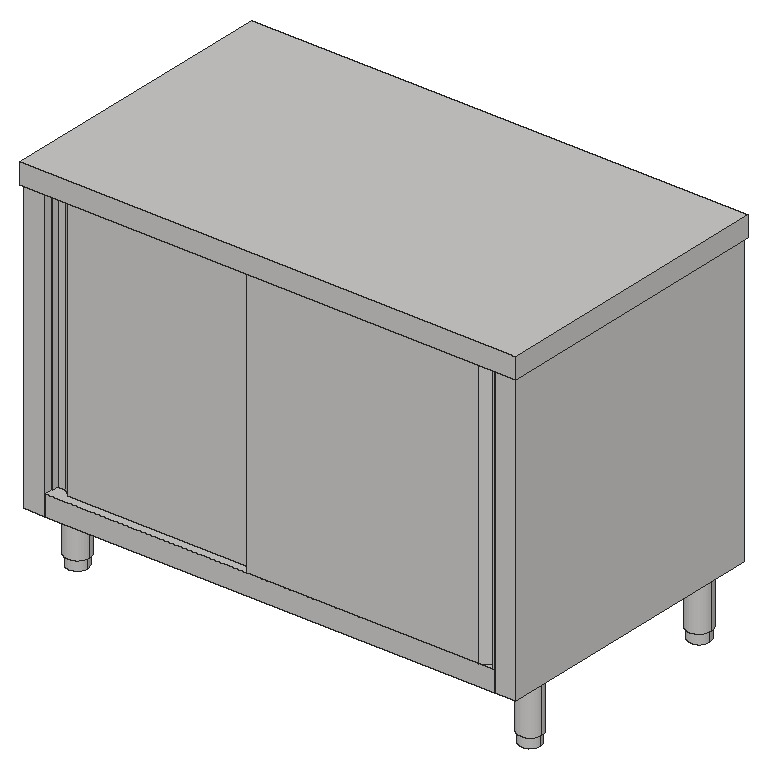
Revit family "QF_ELECTROLUXPROFESSIONAL_133074_TN1200EN", category Attrezzature speciali, Revit 2020
Family settings
  Quota connettore circolare = Usa diametro
  Tipo di parte = Normale
  Basato su piano di lavoro = No
  Sempre verticale = Sì
  Taglio con vuoti quando caricato = No
  Condiviso = No
  Punto di calcolo locali = No
Parameters (values of type "Standard")
  Weight = 55.00 kg
  Watts = 0 W
  Volts = 0 V
  URL Manufacturer = "https://www.electroluxprofessional.com/"
  URL = "https://www.electroluxprofessional.com/"
  Steam Supply Size = 0 mm
  Steam Supply Minimum Pressure = 0.0 Pa
  Steam Supply Maximum Pressure = 0.0 Pa
  Steam Consumption per Hour = 0
  Refrigeration Suction Line Size = 0.0 mm
  Refrigeration Liquid Line Size = 0.0 mm
  Refrigerant Compressor Remote = yes
  Prospetto di default = 0.0 mm
  Produttore = "Electrolux Professional"
  Phase = 0
  Modello = "TN1200EN"
  Length Actual = 1200.0 mm  # constant formula
  Item Number = "133074"
  Hot Water Size = 0 mm
  Height Actual = 900.0 mm  # constant formula
  HP = "0 HP"
  Gas Size = 0 mm
  Gas KW = 0
  Gas Input Pressure = 0 W
  Direct Waste Size = 0 mm
  Descrizione = "WORKTOP CUPBOARD 1200 MM"
  Depth Actual = 700.0 mm  # constant formula
  Cycle = 0 Hz
  Condensate Return Size = 0 mm
  Compressed Air Volume = 0.0 L/s
  Compressed Air Size = 0 mm
  Compressed Air Pressure = 0.0 Pa
  Cold Water Size = 0 mm
  Accessory = yes
Reference planes
  plane 1 "Center (Front/Back)": y = 0
  plane 2: z = 0
  plane 3 "Center (Left/Right)": x = -100
  plane 4 "LEFT": x = -700
  plane 5 "RIGHT": x = 500
  plane 6 "BACK": y = 350
  plane 7 "FRONT": y = -350
  plane 8 "Base": z = 850
  plane 9 "TOP": z = 900
  plane 10: x = -646.9
  plane 11: x = 446.9
  plane 12: y = 270
  plane 13: y = -241.9
  plane 14 "BodyLeft": x = -694.5
  plane 15 "BodyFront": y = -344.5
  plane 16 "BodyRight": x = 494.5
  plane 17 "BodyBack": y = 344.5
  plane 18 "FEET": z = 150
  plane 19: x = -44.5
  plane 20: x = -155.5
Forms (mm)
  Extrusion 1, solid, material "QF_Finishes_Stainless Steel"
    sketch origin (-100, 0, 0) x (0, 1, 0) y (0, 0, 1)
      loop
        line (-350, 850) -> (350, 850) -> (350, 900) -> (-350, 900) -> (-350, 850)
    from 600 to -600
  Extrusion 2, solid, material "QF_Finishes_Stainless Steel"
    sketch origin (0, 0, 150) x (-1, 0, 0) y (0, -1, 0)
      loop
        line (694.5, -344.5) -> (694.5, 344.5) -> (644.5, 344.5) -> (644.5, -344.5) -> (694.5, -344.5)
      loop
        line (-444.5, -344.5) -> (-444.5, 344.5) -> (-494.5, 344.5) -> (-494.5, -344.5) -> (-444.5, -344.5)
    from 0 to 700
  Extrusion 3, solid, material "QF_Finishes_Stainless Steel"
    sketch origin (0, 0, 150) x (-1, 0, 0) y (0, -1, 0)
      loop
        line (643.585, -344.5) -> (643.585, 344.5) -> (-444.5, 344.5) -> (-444.5, -344.5) -> (643.585, -344.5)
    from 0 to 50
  Extrusion 4, solid, material "QF_Finishes_Stainless Steel"
    sketch origin (0, 0, 150) x (-1, 0, 0) y (0, -1, 0)
      loop
        line (643.585, -344.5) -> (643.585, -294.5) -> (-444.5, -294.5) -> (-444.5, -344.5) -> (643.585, -344.5)
    from 50 to 700
  Extrusion 5, solid, material "QF_Finishes_Stainless Steel"
    sketch origin (0, 0, 150) x (-1, 0, 0) y (0, -1, 0)
      loop
        line (-444.5, 344.5) -> (-444.5, 324.5) -> (155.5, 324.5) -> (155.5, 344.5) -> (-404.5, 344.5) -> (-424.5, 329.5) -> (-439.5, 329.5) -> (-439.5, 344.5) -> (-444.5, 344.5)
    from 50 to 700
  Extrusion 6, solid, material "QF_Finishes_Stainless Steel"
    sketch origin (0, 20, 150) x (1, 0, 0) y (0, 1, 0)
      loop
        line (-644.5, -344.5) -> (-639.5, -344.5) -> (-639.5, -329.5) -> (-624.5, -329.5) -> (-604.5, -344.5) -> (-44.5, -344.5) -> (-44.5, -324.5) -> (-644.5, -324.5) -> (-644.5, -344.5)
    from 50 to 700
Lines and regions (mm)
  symbolic lines
    curve 1: line (500, 350, 900) -> (-700, 350, 900)
    curve 2: line (-700, 350, 900) -> (-700, -350, 900)
    curve 3: line (-700, -350, 900) -> (500, -350, 900)
    curve 4: line (500, -350, 900) -> (500, 350, 900)
  symbolic lines, style "SpecialityEquipmentHiddenLines"
    curve 5: line (-694.5, 344.5, 150) -> (494.5, 344.5, 150)
    curve 6: line (-694.5, -344.5, 150) -> (-694.5, 344.5, 150)
    curve 7: line (494.5, -344.5, 150) -> (-694.5, -344.5, 150)
    curve 8: line (494.5, 344.5, 150) -> (494.5, -344.5, 150)
    curve 9: line (-644.5, -304.5, 150) -> (-44.5, -304.5, 150)
    curve 10: line (-44.5, -304.5, 150) -> (-44.5, -324.5, 150)
    curve 11: line (-644.5, -324.5, 150) -> (444.5, -324.5, 150)
    curve 12: line (444.5, -324.5, 150) -> (444.5, -344.5, 150)
    curve 13: line (-155.5, -324.5, 150) -> (-155.5, -344.5, 150)
    curve 14: line (-644.5, -304.5, 150) -> (-644.5, -324.5, 150)
Dimensions and locks
  plane 4 "LEFT" to plane 5 "RIGHT" = 1200.0 mm
  equal spacing: plane 4 "LEFT", plane 3 "Center (Left/Right)", plane 5 "RIGHT"
  locked: plane 8 "Base" to level at 850
  plane 9 "TOP" to level = 900.0 mm
  plane 6 "BACK" to plane 7 "FRONT" = 700.0 mm
  equal spacing: plane 6 "BACK", plane 1 "Center (Front/Back)", plane 7 "FRONT"
  locked: plane 4 "LEFT" to plane 14 "BodyLeft" at 5.5
  locked: plane 16 "BodyRight" to plane 5 "RIGHT" at 5.5
  locked: plane 15 "BodyFront" to plane 7 "FRONT" at 5.5
  locked: plane 6 "BACK" to plane 17 "BodyBack" at 5.5
  locked: plane 14 "BodyLeft" to plane 10 at 47.6
  locked: plane 11 to plane 16 "BodyRight" at 47.6
  locked: plane 13 to plane 15 "BodyFront" at 102.6
  locked: plane 17 "BodyBack" to plane 12 at 74.5
  plane 10 to plane 11 = 1093.8 mm
  plane 12 to plane 13 = 511.9 mm
  locked: plane 14 "BodyLeft" to Extrusion 2 sketch curve at 50
  locked: Extrusion 2 sketch curve to Extrusion 2 sketch curve at 50
  Extrusion 3 to Extrusion 4 sketch curve = 50.0 mm
  Extrusion 2 to plane 19 = 600.0 mm
  plane 20 to Extrusion 2 = 600.0 mm
  locked: plane 18 "FEET" to level at 150
  aligned and locked: level to plane 2
  aligned and locked: plane 10 to nested 1
  aligned and locked: nested 1 to plane 13
  aligned and locked: plane 11 to nested 2
  aligned and locked: nested 2 to plane 13
  aligned and locked: plane 11 to nested 4
  aligned and locked: nested 4 to plane 12
  aligned and locked: plane 10 to nested 3
  aligned and locked: nested 3 to plane 12
  aligned and locked: Extrusion 1 to plane 4 "LEFT"
  aligned and locked: plane 5 "RIGHT" to Extrusion 1
  aligned and locked: curve 2 to plane 4 "LEFT"
  aligned and locked: plane 17 "BodyBack" to Extrusion 2 sketch curve
  aligned and locked: Extrusion 2 sketch curve to plane 15 "BodyFront"
  aligned and locked: Extrusion 2 sketch curve to plane 14 "BodyLeft"
  aligned and locked: plane 16 "BodyRight" to Extrusion 2 sketch curve
  aligned and locked: Extrusion 2 sketch curve to plane 17 "BodyBack"
  aligned and locked: plane 15 "BodyFront" to Extrusion 2 sketch curve
  aligned and locked: Extrusion 3 sketch curve to plane 17 "BodyBack"
  aligned and locked: plane 15 "BodyFront" to Extrusion 3 sketch curve
  aligned and locked: plane 8 "Base" to Extrusion 2
  aligned and locked: Extrusion 4 sketch curve to Extrusion 3
  aligned and locked: plane 8 "Base" to Extrusion 5
  aligned and locked: Extrusion 5 to Extrusion 3
  aligned and locked: Extrusion 6 sketch curve to plane 19
  aligned and locked: Extrusion 5 sketch curve to plane 20
  aligned and locked: Extrusion 1 to plane 8 "Base"
  aligned and locked: plane 9 "TOP" to Extrusion 1
  aligned and locked: curve 5 to plane 17 "BodyBack"
  aligned and locked: plane 14 "BodyLeft" to curve 6
  aligned and locked: plane 15 "BodyFront" to curve 7
  aligned and locked: plane 16 "BodyRight" to curve 8
Automatic sketch dimensions
  curve 3 to plane 7 "FRONT" = 0.0 mm
  curve 4 to plane 6 "BACK" = 0.0 mm
  Extrusion 1 sketch curve to plane 7 "FRONT" = 0.0 mm
  plane 9 "TOP" to Extrusion 1 sketch curve = 0.0 mm
  Extrusion 1 sketch curve to plane 6 "BACK" = 0.0 mm
  Extrusion 1 sketch curve to plane 8 "Base" = 0.0 mm
  Extrusion 5 sketch curve to plane 15 "BodyFront" = 0.0 mm  (x2)
  Extrusion 5 sketch curve to plane 11 = 2.4 mm
  Extrusion 5 sketch curve to Extrusion 5 sketch curve = 5.0 mm
  Extrusion 5 sketch curve to Extrusion 5 sketch curve = 15.0 mm
  Extrusion 5 sketch curve to Extrusion 5 sketch curve = 20.0 mm
  plane 15 "BodyFront" to Extrusion 5 sketch curve = 15.0 mm
  plane 15 "BodyFront" to Extrusion 5 sketch curve = 20.0 mm
  Extrusion 6 sketch curve to plane 15 "BodyFront" = 20.0 mm  (x2)
  Extrusion 6 sketch curve to plane 10 = 2.4 mm
  Extrusion 6 sketch curve to Extrusion 6 sketch curve = 5.0 mm
  Extrusion 6 sketch curve to Extrusion 6 sketch curve = 15.0 mm
  Extrusion 6 sketch curve to Extrusion 6 sketch curve = 20.0 mm  (x2)
  Extrusion 6 sketch curve to plane 15 "BodyFront" = 35.0 mm
  Extrusion 3 sketch curve to plane 11 = 2.4 mm
  plane 10 to Extrusion 3 sketch curve = 3.315 mm
  Extrusion 4 sketch curve to plane 11 = 2.4 mm
  plane 10 to Extrusion 4 sketch curve = 3.315 mm
  curve 10 to plane 19 = 0.0 mm
  curve 13 to plane 20 = 0.0 mm
  curve 11 to plane 11 = 2.4 mm
  plane 15 "BodyFront" to curve 9 = 40.0 mm
  curve 12 to curve 12 = 20.0 mm
  plane 10 to curve 14 = 2.4 mm
  curve 4 to plane 5 "RIGHT" = 0.0 mm
Nested families
  nested 1: "FEET_D58-150" at (-646.9, -241.9, 0), type "FEET_D58-150"
  nested 2: "FEET_D58-150" at (446.9, -241.9, 0), type "FEET_D58-150"
  nested 3: "FEET_D58-150" at (-646.9, 270, 0), type "FEET_D58-150"
  nested 4: "FEET_D58-150" at (446.9, 270, 0), type "FEET_D58-150"
Definition of nested family "FEET_D58-150"
  Parameters
    Default Elevation = 0.0 mm
    FEET = 150.0 mm
  Reference planes
    plane 1 "Center (Front/Back)": y = 0
    plane 2: z = 0
    plane 3 "Center (Left/Right)": x = 0
    plane 4: z = 150
  Forms (mm)
    Extrusion 1, solid
      sketch origin (0, 0, 0) x (1, 0, 0) y (0, 1, 0)
        loop
          circle (0, 0) r 25
      from 0 to 25
    Extrusion 2, solid
      sketch origin (0, 0, 0) x (1, 0, 0) y (0, 1, 0)
        loop
          circle (0.061, 0) r 29
      from 25 to 150 <- "FEET"
  Lines and regions (mm)
    symbolic lines
      curve 1: line (0, -1.503, 0) -> (0, 1.508, 0)
      curve 2: line (1.561, 0, 0) -> (-1.439, 0, 0)
  Dimensions and locks
    "FEET": plane 4 to plane 2
    aligned and locked: level to plane 2
  Automatic sketch dimensions
    plane 1 "Center (Front/Back)" to Extrusion 1 sketch curve = 0.0 mm
    Extrusion 1 sketch curve to plane 3 "Center (Left/Right)" = 0.0 mm
    plane 1 "Center (Front/Back)" to curve 2 = 0.0 mm
    curve 1 to plane 3 "Center (Left/Right)" = 0.0 mm
    curve 2 to plane 3 "Center (Left/Right)" = 1.439 mm
    plane 3 "Center (Left/Right)" to curve 2 = 1.561 mm
    plane 1 "Center (Front/Back)" to curve 1 = 1.503 mm
    curve 1 to plane 1 "Center (Front/Back)" = 1.508 mm
    plane 1 "Center (Front/Back)" to Extrusion 2 sketch curve = 0.0 mm
    plane 3 "Center (Left/Right)" to Extrusion 2 sketch curve = 0.061 mm
    radius of Extrusion 1 sketch curve = 25.0 mm
    radius of Extrusion 2 sketch curve = 29.0 mm
